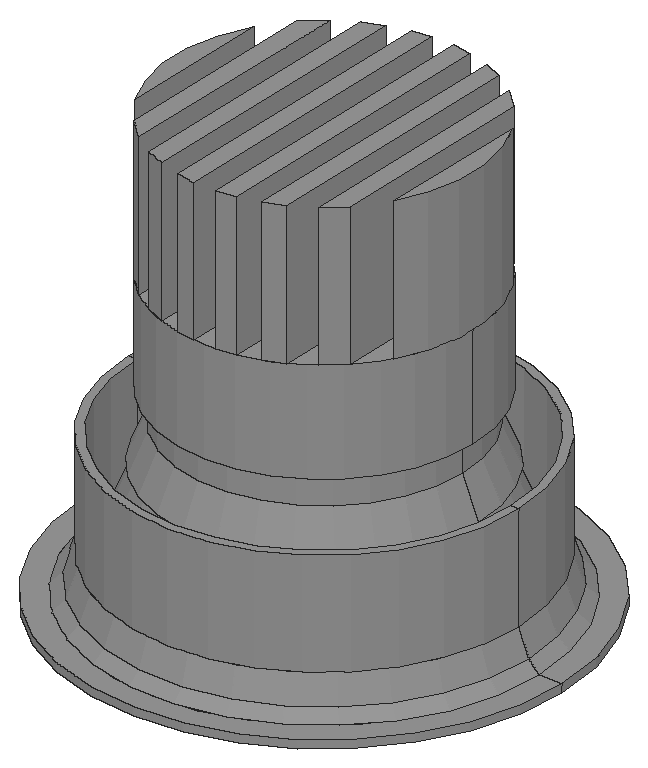
Revit family "Artemide_Everything_150", category Lighting Fixtures, Revit 2018 (continued)
Types (160, lengths in mm): name | Wattage | V_TrimlessSquare | V_TrimlessRound | V_TrimSquare | V_TrimRound | V_Square | V_Round | Radius_RoundVoidReal | Photometric Web File | M_Trim | M_Louvre | M_HousingLed | built-in parameter 1150105 | Lumens | built-in parameter 1150107 | built-in parameter 1150106 | URL to O&M Manual | Trim Material | Trim Finish | Trim Colour  | Product Model Number | Product Literature | Overall Width | Overall Length | Output Lumens Direct light | Input Lumens Direct light | Initial Lumens | IES Files  | Housing Colour  | Face Shape | Efficiency | built-in parameter 1150104 | Distance_SquareVoidReal | Colour Temperature | Angle_LightReal | Adjustable
  Everything_150_Square_Trim_46°_3000K_White/Black_M263420 | 24 W | no | no | yes | no | yes | no | 0.3 | "M263420.IES" | Artemide_Aluminum_White | Artemide_Aluminum_Black | Artemide_Aluminum_Black | 133.46 (stored number, unit not read) | 1677.12 lm | 3000 (stored number, unit not read) | 1.3346 (stored number, unit not read) | "https://www.artemide.com/contents/documenti/prodotto/everything_150_trim_instructions4838333.pdf" | "Aluminium" | "Painted" | "Black" | "M263420" | "https://www.artemide.com/it/subfamily/2545022/everything-150-trim" | 150 | 150 | 1677 | 2763 | 1677 | "https://www.artemide.com/product/downloadFile/2549853/ieseu/4916960" | "White" | "Square" | 61 | 6.4921 (stored number, unit not read) | 126.308 | 3000 | 90.00° | no
  Everything_150_Square_Trim_Adj_46°_3000K_White/Black_M263425 | 24 W | no | no | yes | no | yes | no | 0.3 | "M263425.IES" | Artemide_Aluminum_White | Artemide_Aluminum_Black | Artemide_Aluminum_Black | 133.46 (stored number, unit not read) | 1677.12 lm | 3000 (stored number, unit not read) | 1.3346 (stored number, unit not read) | "https://www.artemide.com/contents/documenti/prodotto/everything_150_trim_instructions4838333.pdf" | "Aluminium" | "Painted" | "Black" | "M263425" | "https://www.artemide.com/it/subfamily/2545022/everything-150-trim" | 150 | 150 | 1677 | 2763 | 1677 | "https://www.artemide.com/product/downloadFile/2550003/ieseu/4916666" | "White" | "Square" | 61 | 6.4921 (stored number, unit not read) | 126.308 | 3000 | 60.00° | yes
  Everything_150_Square_Trim_46°_3000K_Silver/Black_M263460 | 24 W | no | no | yes | no | yes | no | 0.3 | "M263460.IES" | Artemide_Aluminum_BrushedSilver | Artemide_Aluminum_Black | Artemide_Aluminum_Black | 133.46 (stored number, unit not read) | 1677.12 lm | 3000 (stored number, unit not read) | 1.3346 (stored number, unit not read) | "https://www.artemide.com/contents/documenti/prodotto/everything_150_trim_instructions4838333.pdf" | "Aluminium" | "Painted" | "Black" | "M263460" | "https://www.artemide.com/it/subfamily/2545022/everything-150-trim" | 150 | 150 | 1677 | 2763 | 1677 | "https://www.artemide.com/product/downloadFile/2550164/ieseu/4916858" | "Silver" | "Square" | 61 | 6.4921 (stored number, unit not read) | 126.308 | 3000 | 90.00° | no
  Everything_150_Square_Trim_Adj_46°_3000K_Silver/Black_M263465 | 24 W | no | no | yes | no | yes | no | 0.3 | "M263465.IES" | Artemide_Aluminum_BrushedSilver | Artemide_Aluminum_Black | Artemide_Aluminum_Black | 133.46 (stored number, unit not read) | 1677.12 lm | 3000 (stored number, unit not read) | 1.3346 (stored number, unit not read) | "https://www.artemide.com/contents/documenti/prodotto/everything_150_trim_instructions4838333.pdf" | "Aluminium" | "Painted" | "Black" | "M263465" | "https://www.artemide.com/it/subfamily/2545022/everything-150-trim" | 150 | 150 | 1677 | 2763 | 1677 | "https://www.artemide.com/product/downloadFile/2550336/ieseu/4916931" | "Silver" | "Square" | 61 | 6.4921 (stored number, unit not read) | 126.308 | 3000 | 60.00° | yes
  Everything_150_Round_Trim_18°_2700K_White/Black_M323320 | 24 W | no | no | no | yes | no | yes | 63.9 | "M323320.IES" | Artemide_Aluminum_White | Artemide_Aluminum_Black | Artemide_Aluminum_Black | 155.75 (stored number, unit not read) | 1957.2 lm | 2700 (stored number, unit not read) | 1.5575 (stored number, unit not read) | "https://www.artemide.com/contents/documenti/prodotto/everything_150_trim_instructions4838333.pdf" | "Aluminium" | "Painted" | "Black" | "M323320" | "https://www.artemide.com/it/subfamily/2545022/everything-150-trim" | 0 | 150 | 1957 | 2645 | 1957 | "https://www.artemide.com/product/downloadFile/4423791/ieseu/4916574" | "White" | "Round" | 74 | 7.5762 (stored number, unit not read) | 0.8 | 2700 | 90.00° | no
  Everything_150_Round_Trim_18°_2700K_Silver/Black_M323360 | 24 W | no | no | no | yes | no | yes | 63.9 | "M323360.IES" | Artemide_Aluminum_BrushedSilver | Artemide_Aluminum_Black | Artemide_Aluminum_Black | 155.75 (stored number, unit not read) | 1957.2 lm | 2700 (stored number, unit not read) | 1.5575 (stored number, unit not read) | "https://www.artemide.com/contents/documenti/prodotto/everything_150_trim_instructions4838333.pdf" | "Aluminium" | "Painted" | "Black" | "M323360" | "https://www.artemide.com/it/subfamily/2545022/everything-150-trim" | 0 | 150 | 1957 | 2645 | 1957 | "https://www.artemide.com/product/downloadFile/4424921/ieseu/4916446" | "Silver" | "Round" | 74 | 7.5762 (stored number, unit not read) | 0.8 | 2700 | 90.00° | no
  Everything_150_Round_Trim_18°_2700K_White/PolishedMetal_M323620 | 24 W | no | no | no | yes | no | yes | 63.9 | "M323620.IES" | Artemide_Aluminum_White | Artemide_Aluminum_PolishedMetal | Artemide_Aluminum_PolishedMetal | 185.22 (stored number, unit not read) | 2327.52 lm | 2700 (stored number, unit not read) | 1.8522 (stored number, unit not read) | "https://www.artemide.com/contents/documenti/prodotto/everything_150_trim_instructions4838333.pdf" | "Aluminium" | "Painted" | "Polished Metal" | "M323620" | "https://www.artemide.com/it/subfamily/2545022/everything-150-trim" | 0 | 150 | 2328 | 2645 | 2328 | "https://www.artemide.com/product/downloadFile/4425109/ieseu/4917054" | "White" | "Round" | 88 | 9.0097 (stored number, unit not read) | 0.8 | 2700 | 90.00° | no
  Everything_150_Round_Trim_18°_2700K_Silver/PolishedMetal_M323660 | 24 W | no | no | no | yes | no | yes | 63.9 | "M323660.IES" | Artemide_Aluminum_BrushedSilver | Artemide_Aluminum_PolishedMetal | Artemide_Aluminum_PolishedMetal | 185.22 (stored number, unit not read) | 2327.52 lm | 2700 (stored number, unit not read) | 1.8522 (stored number, unit not read) | "https://www.artemide.com/contents/documenti/prodotto/everything_150_trim_instructions4838333.pdf" | "Aluminium" | "Painted" | "Polished Metal" | "M323660" | "https://www.artemide.com/it/subfamily/2545022/everything-150-trim" | 0 | 150 | 2328 | 2645 | 2328 | "https://www.artemide.com/product/downloadFile/4425259/ieseu/4917086" | "Silver" | "Round" | 88 | 9.0097 (stored number, unit not read) | 0.8 | 2700 | 90.00° | no
  Everything_150_Round_Trim_28°_2700K_White/Black_M323420 | 24 W | no | no | no | yes | no | yes | 63.9 | "M323420.IES" | Artemide_Aluminum_White | Artemide_Aluminum_Black | Artemide_Aluminum_Black | 137.45 (stored number, unit not read) | 1727.28 lm | 2700 (stored number, unit not read) | 1.3745 (stored number, unit not read) | "https://www.artemide.com/contents/documenti/prodotto/everything_150_trim_instructions4838333.pdf" | "Aluminium" | "Painted" | "Black" | "M323420" | "https://www.artemide.com/it/subfamily/2545022/everything-150-trim" | 0 | 150 | 1727 | 2645 | 1727 | "https://www.artemide.com/product/downloadFile/4425409/ieseu/4916788" | "White" | "Round" | 65 | 6.6862 (stored number, unit not read) | 0.8 | 2700 | 90.00° | no
  Everything_150_Round_Trim_28°_2700K_Silver/Black_M323460 | 24 W | no | no | no | yes | no | yes | 63.9 | "M323460.IES" | Artemide_Aluminum_BrushedSilver | Artemide_Aluminum_Black | Artemide_Aluminum_Black | 137.45 (stored number, unit not read) | 1727.28 lm | 2700 (stored number, unit not read) | 1.3745 (stored number, unit not read) | "https://www.artemide.com/contents/documenti/prodotto/everything_150_trim_instructions4838333.pdf" | "Aluminium" | "Painted" | "Black" | "M323460" | "https://www.artemide.com/it/subfamily/2545022/everything-150-trim" | 0 | 150 | 1727 | 2645 | 1727 | "https://www.artemide.com/product/downloadFile/4425549/ieseu/4917002" | "Silver" | "Round" | 65 | 6.6862 (stored number, unit not read) | 0.8 | 2700 | 90.00° | no
  Everything_150_Round_Trim_28°_2700K_White/PolishedMetal_M323820 | 24 W | no | no | no | yes | no | yes | 63.9 | "M323820.IES" | Artemide_Aluminum_White | Artemide_Aluminum_PolishedMetal | Artemide_Aluminum_PolishedMetal | 144.18 (stored number, unit not read) | 1811.76 lm | 2700 (stored number, unit not read) | 1.4418 (stored number, unit not read) | "https://www.artemide.com/contents/documenti/prodotto/everything_150_trim_instructions4838333.pdf" | "Aluminium" | "Painted" | "Polished Metal" | "M323820" | "https://www.artemide.com/it/subfamily/2545022/everything-150-trim" | 0 | 150 | 1812 | 2546 | 1812 | "https://www.artemide.com/product/downloadFile/4425689/ieseu/4916610" | "White" | "Round" | 69 | 7.0133 (stored number, unit not read) | 0.8 | 2700 | 90.00° | no
  Everything_150_Round_Trim_28°_2700K_Silver/PolishedMetal_M323860 | 24 W | no | no | no | yes | no | yes | 63.9 | "M323860.IES" | Artemide_Aluminum_BrushedSilver | Artemide_Aluminum_PolishedMetal | Artemide_Aluminum_PolishedMetal | 144.18 (stored number, unit not read) | 1811.76 lm | 2700 (stored number, unit not read) | 1.4418 (stored number, unit not read) | "https://www.artemide.com/contents/documenti/prodotto/everything_150_trim_instructions4838333.pdf" | "Aluminium" | "Painted" | "Polished Metal" | "M323860" | "https://www.artemide.com/it/subfamily/2545022/everything-150-trim" | 0 | 150 | 1812 | 2546 | 1812 | "https://www.artemide.com/product/downloadFile/4425829/ieseu/4916546" | "Silver" | "Round" | 69 | 7.0133 (stored number, unit not read) | 0.8 | 2700 | 90.00° | no
  Everything_150_Round_Trim_46°_2700K_White/Black_M323520 | 24 W | no | no | no | yes | no | yes | 63.9 | "M323520.IES" | Artemide_Aluminum_White | Artemide_Aluminum_Black | Artemide_Aluminum_Black | 127.77 (stored number, unit not read) | 1605.6 lm | 2700 (stored number, unit not read) | 1.2777 (stored number, unit not read) | "https://www.artemide.com/contents/documenti/prodotto/everything_150_trim_instructions4838333.pdf" | "Aluminium" | "Painted" | "Black" | "M323520" | "https://www.artemide.com/it/subfamily/2545022/everything-150-trim" | 0 | 150 | 1606 | 2645 | 1606 | "https://www.artemide.com/product/downloadFile/4425969/ieseu/4916495" | "White" | "Round" | 61 | 6.2152 (stored number, unit not read) | 0.8 | 2700 | 90.00° | no
  Everything_150_Round_Trim_46°_2700K_Silver/Black_M323560 | 24 W | no | no | no | yes | no | yes | 63.9 | "M323560.IES" | Artemide_Aluminum_BrushedSilver | Artemide_Aluminum_Black | Artemide_Aluminum_Black | 127.77 (stored number, unit not read) | 1605.6 lm | 2700 (stored number, unit not read) | 1.2777 (stored number, unit not read) | "https://www.artemide.com/contents/documenti/prodotto/everything_150_trim_instructions4838333.pdf" | "Aluminium" | "Painted" | "Black" | "M323560" | "https://www.artemide.com/it/subfamily/2545022/everything-150-trim" | 0 | 150 | 1606 | 2645 | 1606 | "https://www.artemide.com/product/downloadFile/4426109/ieseu/4916920" | "Silver" | "Round" | 61 | 6.2152 (stored number, unit not read) | 0.8 | 2700 | 90.00° | no
  Everything_150_Round_Trim_Adj_18°_2700K_White/Black_M323325 | 24 W | no | no | no | yes | no | yes | 63.9 | "M323325.IES" | Artemide_Aluminum_White | Artemide_Aluminum_Black | Artemide_Aluminum_Black | 155.75 (stored number, unit not read) | 1957.2 lm | 2700 (stored number, unit not read) | 1.5575 (stored number, unit not read) | "https://www.artemide.com/contents/documenti/prodotto/everything_150_trim_instructions4838333.pdf" | "Aluminium" | "Painted" | "Black" | "M323325" | "https://www.artemide.com/it/subfamily/2545022/everything-150-trim" | 0 | 150 | 1957 | 2645 | 1957 | "https://www.artemide.com/product/downloadFile/4426287/ieseu/4916685" | "White" | "Round" | 74 | 7.5762 (stored number, unit not read) | 0.8 | 2700 | 60.00° | yes
  Everything_150_Round_Trim_Adj_18°_2700K_Silver/Black_M323365 | 24 W | no | no | no | yes | no | yes | 63.9 | "M323365.IES" | Artemide_Aluminum_BrushedSilver | Artemide_Aluminum_Black | Artemide_Aluminum_Black | 155.75 (stored number, unit not read) | 1957.2 lm | 2700 (stored number, unit not read) | 1.5575 (stored number, unit not read) | "https://www.artemide.com/contents/documenti/prodotto/everything_150_trim_instructions4838333.pdf" | "Aluminium" | "Painted" | "Black" | "M323365" | "https://www.artemide.com/it/subfamily/2545022/everything-150-trim" | 0 | 150 | 1957 | 2645 | 1957 | "https://www.artemide.com/product/downloadFile/4426592/ieseu/4916536" | "Silver" | "Round" | 74 | 7.5762 (stored number, unit not read) | 0.8 | 2700 | 60.00° | yes
  Everything_150_Round_Trim_Adj_18°_2700K_White/PolishedMetal_M323625 | 24 W | no | no | no | yes | no | yes | 63.9 | "M323625.IES" | Artemide_Aluminum_White | Artemide_Aluminum_PolishedMetal | Artemide_Aluminum_PolishedMetal | 185.22 (stored number, unit not read) | 2327.52 lm | 2700 (stored number, unit not read) | 1.8522 (stored number, unit not read) | "https://www.artemide.com/contents/documenti/prodotto/everything_150_trim_instructions4838333.pdf" | "Aluminium" | "Painted" | "Polished Metal" | "M323625" | "https://www.artemide.com/it/subfamily/2545022/everything-150-trim" | 0 | 150 | 2328 | 2645 | 2328 | "https://www.artemide.com/product/downloadFile/4426742/ieseu/4916427" | "White" | "Round" | 88 | 9.0097 (stored number, unit not read) | 0.8 | 2700 | 60.00° | yes
  Everything_150_Round_Trim_Adj_18°_2700K_Silver/PolishedMetal_M323665 | 24 W | no | no | no | yes | no | yes | 63.9 | "M323665.IES" | Artemide_Aluminum_BrushedSilver | Artemide_Aluminum_PolishedMetal | Artemide_Aluminum_PolishedMetal | 185.22 (stored number, unit not read) | 2327.52 lm | 2700 (stored number, unit not read) | 1.8522 (stored number, unit not read) | "https://www.artemide.com/contents/documenti/prodotto/everything_150_trim_instructions4838333.pdf" | "Aluminium" | "Painted" | "Polished Metal" | "M323665" | "https://www.artemide.com/it/subfamily/2545022/everything-150-trim" | 0 | 150 | 2328 | 2645 | 2328 | "https://www.artemide.com/product/downloadFile/4426919/ieseu/4916966" | "Silver" | "Round" | 88 | 9.0097 (stored number, unit not read) | 0.8 | 2700 | 60.00° | yes
  Everything_150_Round_Trim_Adj_28°_2700K_White/Black_M323425 | 24 W | no | no | no | yes | no | yes | 63.9 | "M323425.IES" | Artemide_Aluminum_White | Artemide_Aluminum_Black | Artemide_Aluminum_Black | 137.45 (stored number, unit not read) | 1727.28 lm | 2700 (stored number, unit not read) | 1.3745 (stored number, unit not read) | "https://www.artemide.com/contents/documenti/prodotto/everything_150_trim_instructions4838333.pdf" | "Aluminium" | "Painted" | "Black" | "M323425" | "https://www.artemide.com/it/subfamily/2545022/everything-150-trim" | 0 | 150 | 1727 | 2645 | 1727 | "https://www.artemide.com/product/downloadFile/4427083/ieseu/4917196" | "White" | "Round" | 65 | 6.6862 (stored number, unit not read) | 0.8 | 2700 | 60.00° | yes
  Everything_150_Round_Trim_Adj_28°_2700K_Silver/Black_M323465 | 24 W | no | no | no | yes | no | yes | 63.9 | "M323465.IES" | Artemide_Aluminum_BrushedSilver | Artemide_Aluminum_Black | Artemide_Aluminum_Black | 137.45 (stored number, unit not read) | 1727.28 lm | 2700 (stored number, unit not read) | 1.3745 (stored number, unit not read) | "https://www.artemide.com/contents/documenti/prodotto/everything_150_trim_instructions4838333.pdf" | "Aluminium" | "Painted" | "Black" | "M323465" | "https://www.artemide.com/it/subfamily/2545022/everything-150-trim" | 0 | 150 | 1727 | 2645 | 1727 | "https://www.artemide.com/product/downloadFile/4427223/ieseu/4916479" | "Silver" | "Round" | 65 | 6.6862 (stored number, unit not read) | 0.8 | 2700 | 60.00° | yes
  Everything_150_Round_Trim_Adj_28°_2700K_White/PolishedMetal_M323825 | 24 W | no | no | no | yes | no | yes | 63.9 | "M323825.IES" | Artemide_Aluminum_White | Artemide_Aluminum_PolishedMetal | Artemide_Aluminum_PolishedMetal | 144.18 (stored number, unit not read) | 1811.76 lm | 2700 (stored number, unit not read) | 1.4418 (stored number, unit not read) | "https://www.artemide.com/contents/documenti/prodotto/everything_150_trim_instructions4838333.pdf" | "Aluminium" | "Painted" | "Polished Metal" | "M323825" | "https://www.artemide.com/it/subfamily/2545022/everything-150-trim" | 0 | 150 | 1812 | 2546 | 1812 | "https://www.artemide.com/product/downloadFile/4427392/ieseu/4916957" | "White" | "Round" | 69 | 7.0133 (stored number, unit not read) | 0.8 | 2700 | 60.00° | yes
  Everything_150_Round_Trim_Adj_28°_2700K_Silver/PolishedMetal_M323865 | 24 W | no | no | no | yes | no | yes | 63.9 | "M323865.IES" | Artemide_Aluminum_BrushedSilver | Artemide_Aluminum_PolishedMetal | Artemide_Aluminum_PolishedMetal | 144.18 (stored number, unit not read) | 1811.76 lm | 2700 (stored number, unit not read) | 1.4418 (stored number, unit not read) | "https://www.artemide.com/contents/documenti/prodotto/everything_150_trim_instructions4838333.pdf" | "Aluminium" | "Painted" | "Polished Metal" | "M323865" | "https://www.artemide.com/it/subfamily/2545022/everything-150-trim" | 0 | 150 | 1812 | 2546 | 1812 | "https://www.artemide.com/product/downloadFile/4427550/ieseu/4916448" | "Silver" | "Round" | 69 | 7.0133 (stored number, unit not read) | 0.8 | 2700 | 60.00° | yes
  Everything_150_Round_Trim_Adj_46°_2700K_White/Black_M323525 | 24 W | no | no | no | yes | no | yes | 63.9 | "M323525.IES" | Artemide_Aluminum_White | Artemide_Aluminum_Black | Artemide_Aluminum_Black | 127.77 (stored number, unit not read) | 1605.6 lm | 2700 (stored number, unit not read) | 1.2777 (stored number, unit not read) | "https://www.artemide.com/contents/documenti/prodotto/everything_150_trim_instructions4838333.pdf" | "Aluminium" | "Painted" | "Black" | "M323525" | "https://www.artemide.com/it/subfamily/2545022/everything-150-trim" | 0 | 150 | 1606 | 2645 | 1606 | "https://www.artemide.com/product/downloadFile/4427690/ieseu/4916954" | "White" | "Round" | 61 | 6.2152 (stored number, unit not read) | 0.8 | 2700 | 60.00° | yes
  Everything_150_Round_Trim_Adj_46°_2700K_Silver/Black_M323565 | 24 W | no | no | no | yes | no | yes | 63.9 | "M323565.IES" | Artemide_Aluminum_BrushedSilver | Artemide_Aluminum_Black | Artemide_Aluminum_Black | 127.77 (stored number, unit not read) | 1605.6 lm | 2700 (stored number, unit not read) | 1.2777 (stored number, unit not read) | "https://www.artemide.com/contents/documenti/prodotto/everything_150_trim_instructions4838333.pdf" | "Aluminium" | "Painted" | "Black" | "M323565" | "https://www.artemide.com/it/subfamily/2545022/everything-150-trim" | 0 | 150 | 1606 | 2645 | 1606 | "https://www.artemide.com/product/downloadFile/4427830/ieseu/4917089" | "Silver" | "Round" | 61 | 6.2152 (stored number, unit not read) | 0.8 | 2700 | 60.00° | yes
  Everything_150_Square_Trim_18°_2700K_White/Black_M324520 | 24 W | no | no | yes | no | yes | no | 0.3 | "M324520.IES" | Artemide_Aluminum_White | Artemide_Aluminum_Black | Artemide_Aluminum_Black | 155.75 (stored number, unit not read) | 1957.2 lm | 2700 (stored number, unit not read) | 1.5575 (stored number, unit not read) | "https://www.artemide.com/contents/documenti/prodotto/everything_150_trim_instructions4838333.pdf" | "Aluminium" | "Painted" | "Black" | "M324520" | "https://www.artemide.com/it/subfamily/2545022/everything-150-trim" | 150 | 150 | 1957 | 2645 | 1957 | "https://www.artemide.com/product/downloadFile/4427970/ieseu/4916706" | "White" | "Square" | 74 | 7.5762 (stored number, unit not read) | 126.308 | 2700 | 90.00° | no
  Everything_150_Square_Trim_18°_2700K_Silver/Black_M324560 | 24 W | no | no | yes | no | yes | no | 0.3 | "M324560.IES" | Artemide_Aluminum_BrushedSilver | Artemide_Aluminum_Black | Artemide_Aluminum_Black | 155.75 (stored number, unit not read) | 1957.2 lm | 2700 (stored number, unit not read) | 1.5575 (stored number, unit not read) | "https://www.artemide.com/contents/documenti/prodotto/everything_150_trim_instructions4838333.pdf" | "Aluminium" | "Painted" | "Black" | "M324560" | "https://www.artemide.com/it/subfamily/2545022/everything-150-trim" | 150 | 150 | 1957 | 2645 | 1957 | "https://www.artemide.com/product/downloadFile/4428209/ieseu/4916659" | "Silver" | "Square" | 74 | 7.5762 (stored number, unit not read) | 126.308 | 2700 | 90.00° | no
  Everything_150_Square_Trim_18°_2700K_White/PolishedMetal_M324820 | 24 W | no | no | yes | no | yes | no | 0.3 | "M324820.IES" | Artemide_Aluminum_White | Artemide_Aluminum_PolishedMetal | Artemide_Aluminum_PolishedMetal | 185.22 (stored number, unit not read) | 2327.52 lm | 2700 (stored number, unit not read) | 1.8522 (stored number, unit not read) | "https://www.artemide.com/contents/documenti/prodotto/everything_150_trim_instructions4838333.pdf" | "Aluminium" | "Painted" | "Polished Metal" | "M324820" | "https://www.artemide.com/it/subfamily/2545022/everything-150-trim" | 150 | 150 | 2328 | 2645 | 2328 | "https://www.artemide.com/product/downloadFile/4428359/ieseu/4916670" | "White" | "Square" | 88 | 9.0097 (stored number, unit not read) | 126.308 | 2700 | 90.00° | no
  Everything_150_Square_Trim_18°_2700K_Silver/PolishedMetal_M324860 | 24 W | no | no | yes | no | yes | no | 0.3 | "M324860.IES" | Artemide_Aluminum_BrushedSilver | Artemide_Aluminum_PolishedMetal | Artemide_Aluminum_PolishedMetal | 185.22 (stored number, unit not read) | 2327.52 lm | 2700 (stored number, unit not read) | 1.8522 (stored number, unit not read) | "https://www.artemide.com/contents/documenti/prodotto/everything_150_trim_instructions4838333.pdf" | "Aluminium" | "Painted" | "Polished Metal" | "M324860" | "https://www.artemide.com/it/subfamily/2545022/everything-150-trim" | 150 | 150 | 2328 | 2645 | 2328 | "https://www.artemide.com/product/downloadFile/4428509/ieseu/4917165" | "Silver" | "Square" | 88 | 9.0097 (stored number, unit not read) | 126.308 | 2700 | 90.00° | no
  Everything_150_Square_Trim_28°_2700K_White/Black_M324620 | 24 W | no | no | yes | no | yes | no | 0.3 | "M324620.IES" | Artemide_Aluminum_White | Artemide_Aluminum_Black | Artemide_Aluminum_Black | 137.45 (stored number, unit not read) | 1727.28 lm | 2700 (stored number, unit not read) | 1.3745 (stored number, unit not read) | "https://www.artemide.com/contents/documenti/prodotto/everything_150_trim_instructions4838333.pdf" | "Aluminium" | "Painted" | "Black" | "M324620" | "https://www.artemide.com/it/subfamily/2545022/everything-150-trim" | 150 | 150 | 1727 | 2645 | 1727 | "https://www.artemide.com/product/downloadFile/4428688/ieseu/4916716" | "White" | "Square" | 65 | 6.6862 (stored number, unit not read) | 126.308 | 2700 | 90.00° | no
  Everything_150_Square_Trim_28°_2700K_Silver/Black_M324660 | 24 W | no | no | yes | no | yes | no | 0.3 | "M324660.IES" | Artemide_Aluminum_BrushedSilver | Artemide_Aluminum_Black | Artemide_Aluminum_Black | 137.45 (stored number, unit not read) | 1727.28 lm | 2700 (stored number, unit not read) | 1.3745 (stored number, unit not read) | "https://www.artemide.com/contents/documenti/prodotto/everything_150_trim_instructions4838333.pdf" | "Aluminium" | "Painted" | "Black" | "M324660" | "https://www.artemide.com/it/subfamily/2545022/everything-150-trim" | 150 | 150 | 1727 | 2645 | 1727 | "https://www.artemide.com/product/downloadFile/4428828/ieseu/4916924" | "Silver" | "Square" | 65 | 6.6862 (stored number, unit not read) | 126.308 | 2700 | 90.00° | no
  Everything_150_Square_Trim_28°_2700K_White/PolishedMetal_M325020 | 24 W | no | no | yes | no | yes | no | 0.3 | "M325020.IES" | Artemide_Aluminum_White | Artemide_Aluminum_PolishedMetal | Artemide_Aluminum_PolishedMetal | 144.18 (stored number, unit not read) | 1811.76 lm | 2700 (stored number, unit not read) | 1.4418 (stored number, unit not read) | "https://www.artemide.com/contents/documenti/prodotto/everything_150_trim_instructions4838333.pdf" | "Aluminium" | "Painted" | "Polished Metal" | "M325020" | "https://www.artemide.com/it/subfamily/2545022/everything-150-trim" | 150 | 150 | 1812 | 2546 | 1812 | "https://www.artemide.com/product/downloadFile/4428968/ieseu/4916728" | "White" | "Square" | 69 | 7.0133 (stored number, unit not read) | 126.308 | 2700 | 90.00° | no
  Everything_150_Square_Trim_28°_2700K_Silver/PolishedMetal_M325060 | 24 W | no | no | yes | no | yes | no | 0.3 | "M325060.IES" | Artemide_Aluminum_BrushedSilver | Artemide_Aluminum_PolishedMetal | Artemide_Aluminum_PolishedMetal | 144.18 (stored number, unit not read) | 1811.76 lm | 2700 (stored number, unit not read) | 1.4418 (stored number, unit not read) | "https://www.artemide.com/contents/documenti/prodotto/everything_150_trim_instructions4838333.pdf" | "Aluminium" | "Painted" | "Polished Metal" | "M325060" | "https://www.artemide.com/it/subfamily/2545022/everything-150-trim" | 150 | 150 | 1812 | 2546 | 1812 | "https://www.artemide.com/product/downloadFile/4429108/ieseu/4916639" | "Silver" | "Square" | 69 | 7.0133 (stored number, unit not read) | 126.308 | 2700 | 90.00° | no
  Everything_150_Square_Trim_46°_2700K_White/Black_M324720 | 24 W | no | no | yes | no | yes | no | 0.3 | "M324720.IES" | Artemide_Aluminum_White | Artemide_Aluminum_Black | Artemide_Aluminum_Black | 127.77 (stored number, unit not read) | 1605.6 lm | 2700 (stored number, unit not read) | 1.2777 (stored number, unit not read) | "https://www.artemide.com/contents/documenti/prodotto/everything_150_trim_instructions4838333.pdf" | "Aluminium" | "Painted" | "Black" | "M324720" | "https://www.artemide.com/it/subfamily/2545022/everything-150-trim" | 150 | 150 | 1606 | 2645 | 1606 | "https://www.artemide.com/product/downloadFile/4429248/ieseu/4916668" | "White" | "Square" | 61 | 6.2152 (stored number, unit not read) | 126.308 | 2700 | 90.00° | no
  Everything_150_Square_Trim_46°_2700K_Silver/Black_M324760 | 24 W | no | no | yes | no | yes | no | 0.3 | "M324760.IES" | Artemide_Aluminum_BrushedSilver | Artemide_Aluminum_Black | Artemide_Aluminum_Black | 127.77 (stored number, unit not read) | 1605.6 lm | 2700 (stored number, unit not read) | 1.2777 (stored number, unit not read) | "https://www.artemide.com/contents/documenti/prodotto/everything_150_trim_instructions4838333.pdf" | "Aluminium" | "Painted" | "Black" | "M324760" | "https://www.artemide.com/it/subfamily/2545022/everything-150-trim" | 150 | 150 | 1606 | 2645 | 1606 | "https://www.artemide.com/product/downloadFile/4429388/ieseu/4916430" | "Silver" | "Square" | 61 | 6.2152 (stored number, unit not read) | 126.308 | 2700 | 90.00° | no
  Everything_150_Square_Trim_Adj_18°_2700K_White/Black_M324525 | 24 W | no | no | yes | no | yes | no | 0.3 | "M324525.IES" | Artemide_Aluminum_White | Artemide_Aluminum_Black | Artemide_Aluminum_Black | 155.75 (stored number, unit not read) | 1957.2 lm | 2700 (stored number, unit not read) | 1.5575 (stored number, unit not read) | "https://www.artemide.com/contents/documenti/prodotto/everything_150_trim_instructions4838333.pdf" | "Aluminium" | "Painted" | "Black" | "M324525" | "https://www.artemide.com/it/subfamily/2545022/everything-150-trim" | 150 | 150 | 1957 | 2645 | 1957 | "https://www.artemide.com/product/downloadFile/4429557/ieseu/4916854" | "White" | "Square" | 74 | 7.5762 (stored number, unit not read) | 126.308 | 2700 | 60.00° | yes
  Everything_150_Square_Trim_Adj_18°_2700K_Silver/Black_M324565 | 24 W | no | no | yes | no | yes | no | 0.3 | "M324565.IES" | Artemide_Aluminum_BrushedSilver | Artemide_Aluminum_Black | Artemide_Aluminum_Black | 155.75 (stored number, unit not read) | 1957.2 lm | 2700 (stored number, unit not read) | 1.5575 (stored number, unit not read) | "https://www.artemide.com/contents/documenti/prodotto/everything_150_trim_instructions4838333.pdf" | "Aluminium" | "Painted" | "Black" | "M324565" | "https://www.artemide.com/it/subfamily/2545022/everything-150-trim" | 150 | 150 | 1957 | 2645 | 1957 | "https://www.artemide.com/product/downloadFile/4429796/ieseu/4916916" | "Silver" | "Square" | 74 | 7.5762 (stored number, unit not read) | 126.308 | 2700 | 60.00° | yes
  Everything_150_Square_Trim_Adj_18°_2700K_White/PolishedMetal_M324825 | 24 W | no | no | yes | no | yes | no | 0.3 | "M324825.IES" | Artemide_Aluminum_White | Artemide_Aluminum_PolishedMetal | Artemide_Aluminum_PolishedMetal | 185.22 (stored number, unit not read) | 2327.52 lm | 2700 (stored number, unit not read) | 1.8522 (stored number, unit not read) | "https://www.artemide.com/contents/documenti/prodotto/everything_150_trim_instructions4838333.pdf" | "Aluminium" | "Painted" | "Polished Metal" | "M324825" | "https://www.artemide.com/it/subfamily/2545022/everything-150-trim" | 150 | 150 | 2328 | 2645 | 2328 | "https://www.artemide.com/product/downloadFile/4429946/ieseu/4916472" | "White" | "Square" | 88 | 9.0097 (stored number, unit not read) | 126.308 | 2700 | 60.00° | yes
  Everything_150_Square_Trim_Adj_18°_2700K_Silver/PolishedMetal_M324865 | 24 W | no | no | yes | no | yes | no | 0.3 | "M324865.IES" | Artemide_Aluminum_BrushedSilver | Artemide_Aluminum_PolishedMetal | Artemide_Aluminum_PolishedMetal | 185.22 (stored number, unit not read) | 2327.52 lm | 2700 (stored number, unit not read) | 1.8522 (stored number, unit not read) | "https://www.artemide.com/contents/documenti/prodotto/everything_150_trim_instructions4838333.pdf" | "Aluminium" | "Painted" | "Polished Metal" | "M324865" | "https://www.artemide.com/it/subfamily/2545022/everything-150-trim" | 150 | 150 | 2328 | 2645 | 2328 | "https://www.artemide.com/product/downloadFile/4430125/ieseu/4917058" | "Silver" | "Square" | 88 | 9.0097 (stored number, unit not read) | 126.308 | 2700 | 60.00° | yes
  Everything_150_Square_Trim_Adj_28°_2700K_White/Black_M324625 | 24 W | no | no | yes | no | yes | no | 0.3 | "M324625.IES" | Artemide_Aluminum_White | Artemide_Aluminum_Black | Artemide_Aluminum_Black | 137.45 (stored number, unit not read) | 1727.28 lm | 2700 (stored number, unit not read) | 1.3745 (stored number, unit not read) | "https://www.artemide.com/contents/documenti/prodotto/everything_150_trim_instructions4838333.pdf" | "Aluminium" | "Painted" | "Black" | "M324625" | "https://www.artemide.com/it/subfamily/2545022/everything-150-trim" | 150 | 150 | 1727 | 2645 | 1727 | "https://www.artemide.com/product/downloadFile/4430265/ieseu/4917190" | "White" | "Square" | 65 | 6.6862 (stored number, unit not read) | 126.308 | 2700 | 60.00° | yes
  Everything_150_Square_Trim_Adj_28°_2700K_Silver/Black_M324665 | 24 W | no | no | yes | no | yes | no | 0.3 | "M324665.IES" | Artemide_Aluminum_BrushedSilver | Artemide_Aluminum_Black | Artemide_Aluminum_Black | 137.45 (stored number, unit not read) | 1727.28 lm | 2700 (stored number, unit not read) | 1.3745 (stored number, unit not read) | "https://www.artemide.com/contents/documenti/prodotto/everything_150_trim_instructions4838333.pdf" | "Aluminium" | "Painted" | "Black" | "M324665" | "https://www.artemide.com/it/subfamily/2545022/everything-150-trim" | 150 | 150 | 1727 | 2645 | 1727 | "https://www.artemide.com/product/downloadFile/4430405/ieseu/4916803" | "Silver" | "Square" | 65 | 6.6862 (stored number, unit not read) | 126.308 | 2700 | 60.00° | yes
  Everything_150_Square_Trim_Adj_28°_2700K_White/PolishedMetal_M325025 | 24 W | no | no | yes | no | yes | no | 0.3 | "M325025.IES" | Artemide_Aluminum_White | Artemide_Aluminum_PolishedMetal | Artemide_Aluminum_PolishedMetal | 144.18 (stored number, unit not read) | 1811.76 lm | 2700 (stored number, unit not read) | 1.4418 (stored number, unit not read) | "https://www.artemide.com/contents/documenti/prodotto/everything_150_trim_instructions4838333.pdf" | "Aluminium" | "Painted" | "Polished Metal" | "M325025" | "https://www.artemide.com/it/subfamily/2545022/everything-150-trim" | 150 | 150 | 1812 | 2546 | 1812 | "https://www.artemide.com/product/downloadFile/4430545/ieseu/4916938" | "White" | "Square" | 69 | 7.0133 (stored number, unit not read) | 126.308 | 2700 | 60.00° | yes
  Everything_150_Square_Trim_Adj_28°_2700K_Silver/PolishedMetal_M325065 | 24 W | no | no | yes | no | yes | no | 0.3 | "M325065.IES" | Artemide_Aluminum_BrushedSilver | Artemide_Aluminum_PolishedMetal | Artemide_Aluminum_PolishedMetal | 144.18 (stored number, unit not read) | 1811.76 lm | 2700 (stored number, unit not read) | 1.4418 (stored number, unit not read) | "https://www.artemide.com/contents/documenti/prodotto/everything_150_trim_instructions4838333.pdf" | "Aluminium" | "Painted" | "Polished Metal" | "M325065" | "https://www.artemide.com/it/subfamily/2545022/everything-150-trim" | 150 | 150 | 1812 | 2546 | 1812 | "https://www.artemide.com/product/downloadFile/4430685/ieseu/4916791" | "Silver" | "Square" | 69 | 7.0133 (stored number, unit not read) | 126.308 | 2700 | 60.00° | yes
  Everything_150_Square_Trim_Adj_46°_2700K_White/Black_M324725 | 24 W | no | no | yes | no | yes | no | 0.3 | "M324725.IES" | Artemide_Aluminum_White | Artemide_Aluminum_Black | Artemide_Aluminum_Black | 127.77 (stored number, unit not read) | 1605.6 lm | 2700 (stored number, unit not read) | 1.2777 (stored number, unit not read) | "https://www.artemide.com/contents/documenti/prodotto/everything_150_trim_instructions4838333.pdf" | "Aluminium" | "Painted" | "Black" | "M324725" | "https://www.artemide.com/it/subfamily/2545022/everything-150-trim" | 150 | 150 | 1606 | 2645 | 1606 | "https://www.artemide.com/product/downloadFile/4430864/ieseu/4916702" | "White" | "Square" | 61 | 6.2152 (stored number, unit not read) | 126.308 | 2700 | 60.00° | yes
  Everything_150_Square_Trim_Adj_46°_2700K_Silver/Black_M324765 | 24 W | no | no | yes | no | yes | no | 0.3 | "M324765.IES" | Artemide_Aluminum_BrushedSilver | Artemide_Aluminum_Black | Artemide_Aluminum_Black | 127.77 (stored number, unit not read) | 1605.6 lm | 2700 (stored number, unit not read) | 1.2777 (stored number, unit not read) | "https://www.artemide.com/contents/documenti/prodotto/everything_150_trim_instructions4838333.pdf" | "Aluminium" | "Painted" | "Black" | "M324765" | "https://www.artemide.com/it/subfamily/2545022/everything-150-trim" | 150 | 150 | 1606 | 2645 | 1606 | "https://www.artemide.com/product/downloadFile/4431023/ieseu/4916774" | "Silver" | "Square" | 61 | 6.2152 (stored number, unit not read) | 126.308 | 2700 | 60.00° | yes
  Everything_150_Round_Trim_18°_2700K_Black/PolishedMetal_M323640 | 24 W | no | no | no | yes | no | yes | 63.9 | "M323640.IES" | Artemide_Aluminum_Black | Artemide_Aluminum_PolishedMetal | Artemide_Aluminum_PolishedMetal | 185.22 (stored number, unit not read) | 2327.52 lm | 2700 (stored number, unit not read) | 1.8522 (stored number, unit not read) | "https://www.artemide.com/contents/documenti/prodotto/everything_150_trim_instructions4838333.pdf" | "Aluminium" | "Painted" | "Polished Metal" | "M323640" | "https://www.artemide.com/it/subfamily/2545022/everything-150-trim" | 0 | 150 | 2328 | 2645 | 2328 | "https://www.artemide.com/product/downloadFile/4750479/ieseu/4916958" | "Black" | "Round" | 88 | 9.0097 (stored number, unit not read) | 0.8 | 2700 | 90.00° | no
  Everything_150_Round_Trim_28°_2700K_Black/PolishedMetal_M323840 | 24 W | no | no | no | yes | no | yes | 63.9 | "M323840.IES" | Artemide_Aluminum_Black | Artemide_Aluminum_PolishedMetal | Artemide_Aluminum_PolishedMetal | 144.18 (stored number, unit not read) | 1811.76 lm | 2700 (stored number, unit not read) | 1.4418 (stored number, unit not read) | "https://www.artemide.com/contents/documenti/prodotto/everything_150_trim_instructions4838333.pdf" | "Aluminium" | "Painted" | "Polished Metal" | "M323840" | "https://www.artemide.com/it/subfamily/2545022/everything-150-trim" | 0 | 150 | 1812 | 2546 | 1812 | "https://www.artemide.com/product/downloadFile/4750480/ieseu/4916434" | "Black" | "Round" | 69 | 7.0133 (stored number, unit not read) | 0.8 | 2700 | 90.00° | no
  Everything_150_Round_Trim_28°_2700K_Black/Black_M323440 | 24 W | no | no | no | yes | no | yes | 63.9 | "M323440.IES" | Artemide_Aluminum_Black | Artemide_Aluminum_Black | Artemide_Aluminum_Black | 155.75 (stored number, unit not read) | 1957.2 lm | 2700 (stored number, unit not read) | 1.5575 (stored number, unit not read) | "https://www.artemide.com/contents/documenti/prodotto/everything_150_trim_instructions4838333.pdf" | "Aluminium" | "Painted" | "Black" | "M323440" | "https://www.artemide.com/it/subfamily/2545022/everything-150-trim" | 0 | 150 | 1957 | 2645 | 1957 | "https://www.artemide.com/product/downloadFile/4750481/ieseu/4916626" | "Black" | "Round" | 74 | 7.5762 (stored number, unit not read) | 0.8 | 2700 | 90.00° | no
  Everything_150_Round_Trim_46°_2700K_Black/Black_M323540 | 24 W | no | no | no | yes | no | yes | 63.9 | "M323540.IES" | Artemide_Aluminum_Black | Artemide_Aluminum_Black | Artemide_Aluminum_Black | 127.77 (stored number, unit not read) | 1605.6 lm | 2700 (stored number, unit not read) | 1.2777 (stored number, unit not read) | "https://www.artemide.com/contents/documenti/prodotto/everything_150_trim_instructions4838333.pdf" | "Aluminium" | "Painted" | "Black" | "M323540" | "https://www.artemide.com/it/subfamily/2545022/everything-150-trim" | 0 | 150 | 1606 | 2645 | 1606 | "https://www.artemide.com/product/downloadFile/4750482/ieseu/4916815" | "Black" | "Round" | 61 | 6.2152 (stored number, unit not read) | 0.8 | 2700 | 90.00° | no
  Everything_150_Round_Trim_18°_2700K_Black/Black_M323340 | 24 W | no | no | no | yes | no | yes | 63.9 | "M323340.IES" | Artemide_Aluminum_Black | Artemide_Aluminum_Black | Artemide_Aluminum_Black | 155.75 (stored number, unit not read) | 1957.2 lm | 2700 (stored number, unit not read) | 1.5575 (stored number, unit not read) | "https://www.artemide.com/contents/documenti/prodotto/everything_150_trim_instructions4838333.pdf" | "Aluminium" | "Painted" | "Black" | "M323340" | "https://www.artemide.com/it/subfamily/2545022/everything-150-trim" | 0 | 150 | 1957 | 2645 | 1957 | "https://www.artemide.com/product/downloadFile/4750483/ieseu/4916697" | "Black" | "Round" | 74 | 7.5762 (stored number, unit not read) | 0.8 | 2700 | 90.00° | no
  Everything_150_Round_Trim_Adj_28°_2700K_Black/PolishedMetal_M323845 | 24 W | no | no | no | yes | no | yes | 63.9 | "M323845.IES" | Artemide_Aluminum_Black | Artemide_Aluminum_PolishedMetal | Artemide_Aluminum_PolishedMetal | 144.18 (stored number, unit not read) | 1811.76 lm | 2700 (stored number, unit not read) | 1.4418 (stored number, unit not read) | "https://www.artemide.com/contents/documenti/prodotto/everything_150_trim_instructions4838333.pdf" | "Aluminium" | "Painted" | "Polished Metal" | "M323845" | "https://www.artemide.com/it/subfamily/2545022/everything-150-trim" | 0 | 150 | 1812 | 2546 | 1812 | "https://www.artemide.com/product/downloadFile/4750484/ieseu/4916828" | "Black" | "Round" | 69 | 7.0133 (stored number, unit not read) | 0.8 | 2700 | 60.00° | yes
  Everything_150_Round_Trim_Adj_18°_2700K_Black/PolishedMetal_M323645 | 24 W | no | no | no | yes | no | yes | 63.9 | "M323645.IES" | Artemide_Aluminum_Black | Artemide_Aluminum_PolishedMetal | Artemide_Aluminum_PolishedMetal | 185.22 (stored number, unit not read) | 2327.52 lm | 2700 (stored number, unit not read) | 1.8522 (stored number, unit not read) | "https://www.artemide.com/contents/documenti/prodotto/everything_150_trim_instructions4838333.pdf" | "Aluminium" | "Painted" | "Polished Metal" | "M323645" | "https://www.artemide.com/it/subfamily/2545022/everything-150-trim" | 0 | 150 | 2328 | 2645 | 2328 | "https://www.artemide.com/product/downloadFile/4750485/ieseu/4916778" | "Black" | "Round" | 88 | 9.0097 (stored number, unit not read) | 0.8 | 2700 | 60.00° | yes
  Everything_150_Round_Trim_Adj_46°_2700K_Black/Black_M323545 | 24 W | no | no | no | yes | no | yes | 63.9 | "M323545.IES" | Artemide_Aluminum_Black | Artemide_Aluminum_Black | Artemide_Aluminum_Black | 127.77 (stored number, unit not read) | 1605.6 lm | 2700 (stored number, unit not read) | 1.2777 (stored number, unit not read) | "https://www.artemide.com/contents/documenti/prodotto/everything_150_trim_instructions4838333.pdf" | "Aluminium" | "Painted" | "Black" | "M323545" | "https://www.artemide.com/it/subfamily/2545022/everything-150-trim" | 0 | 150 | 1606 | 2645 | 1606 | "https://www.artemide.com/product/downloadFile/4750486/ieseu/4916977" | "Black" | "Round" | 61 | 6.2152 (stored number, unit not read) | 0.8 | 2700 | 60.00° | yes
  Everything_150_Round_Trim_Adj_18°_2700K_Black/Black_M323345 | 24 W | no | no | no | yes | no | yes | 63.9 | "M323345.IES" | Artemide_Aluminum_Black | Artemide_Aluminum_Black | Artemide_Aluminum_Black | 155.75 (stored number, unit not read) | 1957.2 lm | 2700 (stored number, unit not read) | 1.5575 (stored number, unit not read) | "https://www.artemide.com/contents/documenti/prodotto/everything_150_trim_instructions4838333.pdf" | "Aluminium" | "Painted" | "Black" | "M323345" | "https://www.artemide.com/it/subfamily/2545022/everything-150-trim" | 0 | 150 | 1957 | 2645 | 1957 | "https://www.artemide.com/product/downloadFile/4750487/ieseu/4917020" | "Black" | "Round" | 74 | 7.5762 (stored number, unit not read) | 0.8 | 2700 | 60.00° | yes
  Everything_150_Round_Trim_18°_3000K_Black/Black_M260640 | 24 W | no | no | no | yes | no | yes | 63.9 | "M260640.IES" | Artemide_Aluminum_Black | Artemide_Aluminum_Black | Artemide_Aluminum_Black | 162.7 (stored number, unit not read) | 2044.56 lm | 3000 (stored number, unit not read) | 1.627 (stored number, unit not read) | "https://www.artemide.com/contents/documenti/prodotto/everything_150_trim_instructions4838333.pdf" | "Aluminium" | "Painted" | "Black" | "M260640" | "https://www.artemide.com/it/subfamily/2545022/everything-150-trim" | 0 | 150 | 2045 | 2763 | 2045 | "https://www.artemide.com/product/downloadFile/4750489/ieseu/4916875" | "Black" | "Round" | 75 | 7.9144 (stored number, unit not read) | 0.8 | 3000 | 90.00° | no
  Everything_150_Round_Trim_Adj_18°_3000K_Black/Black_M260645 | 24 W | no | no | no | yes | no | yes | 63.9 | "M260645.IES" | Artemide_Aluminum_Black | Artemide_Aluminum_Black | Artemide_Aluminum_Black | 162.7 (stored number, unit not read) | 2044.56 lm | 3000 (stored number, unit not read) | 1.627 (stored number, unit not read) | "https://www.artemide.com/contents/documenti/prodotto/everything_150_trim_instructions4838333.pdf" | "Aluminium" | "Painted" | "Black" | "M260645" | "https://www.artemide.com/it/subfamily/2545022/everything-150-trim" | 0 | 150 | 2045 | 2763 | 2045 | "https://www.artemide.com/product/downloadFile/4750490/ieseu/4916829" | "Black" | "Round" | 75 | 7.9144 (stored number, unit not read) | 0.8 | 3000 | 60.00° | yes
  Everything_150_Round_Trim_18°_3000K_Black/PolishedMetal_M261240 | 24 W | no | no | no | yes | no | yes | 63.9 | "M261240.IES" | Artemide_Aluminum_Black | Artemide_Aluminum_PolishedMetal | Artemide_Aluminum_PolishedMetal | 193.49 (stored number, unit not read) | 2431.44 lm | 3000 (stored number, unit not read) | 1.9349 (stored number, unit not read) | "https://www.artemide.com/contents/documenti/prodotto/everything_150_trim_instructions4838333.pdf" | "Aluminium" | "Painted" | "Polished Metal" | "M261240" | "https://www.artemide.com/it/subfamily/2545022/everything-150-trim" | 0 | 150 | 2431 | 2763 | 2431 | "https://www.artemide.com/product/downloadFile/4750491/ieseu/4916759" | "Black" | "Round" | 88 | 9.412 (stored number, unit not read) | 0.8 | 3000 | 90.00° | no
  Everything_150_Round_Trim_Adj_18°_3000K_Black/PolishedMetal_M261245 | 24 W | no | no | no | yes | no | yes | 63.9 | "M261245.IES" | Artemide_Aluminum_Black | Artemide_Aluminum_PolishedMetal | Artemide_Aluminum_PolishedMetal | 193.49 (stored number, unit not read) | 2431.44 lm | 3000 (stored number, unit not read) | 1.9349 (stored number, unit not read) | "https://www.artemide.com/contents/documenti/prodotto/everything_150_trim_instructions4838333.pdf" | "Aluminium" | "Painted" | "Polished Metal" | "M261245" | "https://www.artemide.com/it/subfamily/2545022/everything-150-trim" | 0 | 150 | 2431 | 2763 | 2431 | "https://www.artemide.com/product/downloadFile/4750492/ieseu/4916944" | "Black" | "Round" | 88 | 9.412 (stored number, unit not read) | 0.8 | 3000 | 60.00° | yes
  Everything_150_Round_Trim_28°_3000K_Black/Black_M260840 | 14 W | no | no | no | yes | no | yes | 63.9 | "M260840.IES" | Artemide_Aluminum_Black | Artemide_Aluminum_Black | Artemide_Aluminum_Black | 83.757 (stored number, unit not read) | 1052.52 lm | 3000 (stored number, unit not read) | 0.83757 (stored number, unit not read) | "https://www.artemide.com/contents/documenti/prodotto/everything_150_trim_instructions4838333.pdf" | "Aluminium" | "Painted" | "Black" | "M260840" | "https://www.artemide.com/it/subfamily/2545022/everything-150-trim" | 0 | 150 | 1804 | 2763 | 1804 | "https://www.artemide.com/product/downloadFile/4750493/ieseu/4916600" | "Black" | "Round" | 66 | 6.9845 (stored number, unit not read) | 0.8 | 3000 | 90.00° | no
  Everything_150_Round_Trim_Adj_28°_3000K_Black/Black_M260845 | 14 W | no | no | no | yes | no | yes | 63.9 | "M260845.IES" | Artemide_Aluminum_Black | Artemide_Aluminum_Black | Artemide_Aluminum_Black | 83.757 (stored number, unit not read) | 1052.52 lm | 3000 (stored number, unit not read) | 0.83757 (stored number, unit not read) | "https://www.artemide.com/contents/documenti/prodotto/everything_150_trim_instructions4838333.pdf" | "Aluminium" | "Painted" | "Black" | "M260845" | "https://www.artemide.com/it/subfamily/2545022/everything-150-trim" | 0 | 150 | 1804 | 2763 | 1804 | "https://www.artemide.com/product/downloadFile/4750494/ieseu/4916609" | "Black" | "Round" | 66 | 6.9845 (stored number, unit not read) | 0.8 | 3000 | 60.00° | yes
  Everything_150_Round_Trim_28°_3000K_Black/PolishedMetal_M261640 | 24 W | no | no | no | yes | no | yes | 63.9 | "M261640.IES" | Artemide_Aluminum_Black | Artemide_Aluminum_PolishedMetal | Artemide_Aluminum_PolishedMetal | 150.61 (stored number, unit not read) | 1892.64 lm | 3000 (stored number, unit not read) | 1.5061 (stored number, unit not read) | "https://www.artemide.com/contents/documenti/prodotto/everything_150_trim_instructions4838333.pdf" | "Aluminium" | "Painted" | "Polished Metal" | "M261640" | "https://www.artemide.com/it/subfamily/2545022/everything-150-trim" | 0 | 150 | 1893 | 2763 | 1893 | "https://www.artemide.com/product/downloadFile/4750495/ieseu/4916592" | "Black" | "Round" | 69 | 7.3263 (stored number, unit not read) | 0.8 | 3000 | 90.00° | no
  Everything_150_Round_Trim_Adj_28°_3000K_Black/PolishedMetal_M261645 | 24 W | no | no | no | yes | no | yes | 63.9 | "M261645.IES" | Artemide_Aluminum_Black | Artemide_Aluminum_PolishedMetal | Artemide_Aluminum_PolishedMetal | 150.61 (stored number, unit not read) | 1892.64 lm | 3000 (stored number, unit not read) | 1.5061 (stored number, unit not read) | "https://www.artemide.com/contents/documenti/prodotto/everything_150_trim_instructions4838333.pdf" | "Aluminium" | "Painted" | "Polished Metal" | "M261645" | "https://www.artemide.com/it/subfamily/2545022/everything-150-trim" | 0 | 150 | 1893 | 2763 | 1893 | "https://www.artemide.com/product/downloadFile/4750496/ieseu/4916634" | "Black" | "Round" | 69 | 7.3263 (stored number, unit not read) | 0.8 | 3000 | 60.00° | yes
  Everything_150_Round_Trim_46°_3000K_Black/Black_M261040 | 24 W | no | no | no | yes | no | yes | 63.9 | "M261040.IES" | Artemide_Aluminum_Black | Artemide_Aluminum_Black | Artemide_Aluminum_Black | 133.46 (stored number, unit not read) | 1677.12 lm | 3000 (stored number, unit not read) | 1.3346 (stored number, unit not read) | "https://www.artemide.com/contents/documenti/prodotto/everything_150_trim_instructions4838333.pdf" | "Aluminium" | "Painted" | "Black" | "M261040" | "https://www.artemide.com/it/subfamily/2545022/everything-150-trim" | 0 | 150 | 1677 | 2763 | 1677 | "https://www.artemide.com/product/downloadFile/4750497/ieseu/4916545" | "Black" | "Round" | 61 | 6.4921 (stored number, unit not read) | 0.8 | 3000 | 90.00° | no
  Everything_150_Round_Trim_Adj_46°_3000K_Black/Black_M261045 | 24 W | no | no | no | yes | no | yes | 63.9 | "M261045.IES" | Artemide_Aluminum_Black | Artemide_Aluminum_Black | Artemide_Aluminum_Black | 133.46 (stored number, unit not read) | 1677.12 lm | 3000 (stored number, unit not read) | 1.3346 (stored number, unit not read) | "https://www.artemide.com/contents/documenti/prodotto/everything_150_trim_instructions4838333.pdf" | "Aluminium" | "Painted" | "Black" | "M261045" | "https://www.artemide.com/it/subfamily/2545022/everything-150-trim" | 0 | 150 | 1677 | 2763 | 1677 | "https://www.artemide.com/product/downloadFile/4750498/ieseu/4916649" | "Black" | "Round" | 61 | 6.4921 (stored number, unit not read) | 0.8 | 3000 | 60.00° | yes
  Everything_150_Square_Trim_28°_2700K_Black/Black_M324640 | 24 W | no | no | yes | no | yes | no | 0.3 | "M324640.IES" | Artemide_Aluminum_Black | Artemide_Aluminum_Black | Artemide_Aluminum_Black | 137.45 (stored number, unit not read) | 1727.28 lm | 2700 (stored number, unit not read) | 1.3745 (stored number, unit not read) | "https://www.artemide.com/contents/documenti/prodotto/everything_150_trim_instructions4838333.pdf" | "Aluminium" | "Painted" | "Black" | "M324640" | "https://www.artemide.com/it/subfamily/2545022/everything-150-trim" | 150 | 150 | 1727 | 2645 | 1727 | "https://www.artemide.com/product/downloadFile/4750499/ieseu/4916564" | "Black" | "Square" | 65 | 6.6862 (stored number, unit not read) | 126.308 | 2700 | 90.00° | no
  Everything_150_Square_Trim_46°_2700K_Black/Black_M324740 | 24 W | no | no | yes | no | yes | no | 0.3 | "M324740.IES" | Artemide_Aluminum_Black | Artemide_Aluminum_Black | Artemide_Aluminum_Black | 127.77 (stored number, unit not read) | 1605.6 lm | 2700 (stored number, unit not read) | 1.2777 (stored number, unit not read) | "https://www.artemide.com/contents/documenti/prodotto/everything_150_trim_instructions4838333.pdf" | "Aluminium" | "Painted" | "Black" | "M324740" | "https://www.artemide.com/it/subfamily/2545022/everything-150-trim" | 150 | 150 | 1606 | 2645 | 1606 | "https://www.artemide.com/product/downloadFile/4750500/ieseu/4916912" | "Black" | "Square" | 61 | 6.2152 (stored number, unit not read) | 126.308 | 2700 | 90.00° | no
  Everything_150_Square_Trim_18°_2700K_Black/Black_M324540 | 24 W | no | no | yes | no | yes | no | 0.3 | "M324540.IES" | Artemide_Aluminum_Black | Artemide_Aluminum_Black | Artemide_Aluminum_Black | 155.75 (stored number, unit not read) | 1957.2 lm | 2700 (stored number, unit not read) | 1.5575 (stored number, unit not read) | "https://www.artemide.com/contents/documenti/prodotto/everything_150_trim_instructions4838333.pdf" | "Aluminium" | "Painted" | "Black" | "M324540" | "https://www.artemide.com/it/subfamily/2545022/everything-150-trim" | 150 | 150 | 1957 | 2645 | 1957 | "https://www.artemide.com/product/downloadFile/4750501/ieseu/4916680" | "Black" | "Square" | 74 | 7.5762 (stored number, unit not read) | 126.308 | 2700 | 90.00° | no
  Everything_150_Square_Trim_Adj_28°_2700K_Black/Black_M324645 | 24 W | no | no | yes | no | yes | no | 0.3 | "M324645.IES" | Artemide_Aluminum_Black | Artemide_Aluminum_Black | Artemide_Aluminum_Black | 137.45 (stored number, unit not read) | 1727.28 lm | 2700 (stored number, unit not read) | 1.3745 (stored number, unit not read) | "https://www.artemide.com/contents/documenti/prodotto/everything_150_trim_instructions4838333.pdf" | "Aluminium" | "Painted" | "Black" | "M324645" | "https://www.artemide.com/it/subfamily/2545022/everything-150-trim" | 150 | 150 | 1727 | 2645 | 1727 | "https://www.artemide.com/product/downloadFile/4750502/ieseu/4917173" | "Black" | "Square" | 65 | 6.6862 (stored number, unit not read) | 126.308 | 2700 | 60.00° | yes
  Everything_150_Square_Trim_Adj_46°_2700K_Black/Black_M324745 | 24 W | no | no | yes | no | yes | no | 0.3 | "M324745.IES" | Artemide_Aluminum_Black | Artemide_Aluminum_Black | Artemide_Aluminum_Black | 127.77 (stored number, unit not read) | 1605.6 lm | 2700 (stored number, unit not read) | 1.2777 (stored number, unit not read) | "https://www.artemide.com/contents/documenti/prodotto/everything_150_trim_instructions4838333.pdf" | "Aluminium" | "Painted" | "Black" | "M324745" | "https://www.artemide.com/it/subfamily/2545022/everything-150-trim" | 150 | 150 | 1606 | 2645 | 1606 | "https://www.artemide.com/product/downloadFile/4750503/ieseu/4917208" | "Black" | "Square" | 61 | 6.2152 (stored number, unit not read) | 126.308 | 2700 | 60.00° | yes
  Everything_150_Square_Trim_Adj_18°_2700K_Black/Black_M324545 | 24 W | no | no | yes | no | yes | no | 0.3 | "M324545.IES" | Artemide_Aluminum_Black | Artemide_Aluminum_Black | Artemide_Aluminum_Black | 155.75 (stored number, unit not read) | 1957.2 lm | 2700 (stored number, unit not read) | 1.5575 (stored number, unit not read) | "https://www.artemide.com/contents/documenti/prodotto/everything_150_trim_instructions4838333.pdf" | "Aluminium" | "Painted" | "Black" | "M324545" | "https://www.artemide.com/it/subfamily/2545022/everything-150-trim" | 150 | 150 | 1957 | 2645 | 1957 | "https://www.artemide.com/product/downloadFile/4750504/ieseu/4916617" | "Black" | "Square" | 74 | 7.5762 (stored number, unit not read) | 126.308 | 2700 | 60.00° | yes
  Everything_150_Square_Trim_18°_3000K_Black/Black_M263040 | 24 W | no | no | yes | no | yes | no | 0.3 | "M263040.IES" | Artemide_Aluminum_Black | Artemide_Aluminum_Black | Artemide_Aluminum_Black | 155.06 (stored number, unit not read) | 1948.56 lm | 3000 (stored number, unit not read) | 1.5506 (stored number, unit not read) | "https://www.artemide.com/contents/documenti/prodotto/everything_150_trim_instructions4838333.pdf" | "Aluminium" | "Painted" | "Black" | "M263040" | "https://www.artemide.com/it/subfamily/2545022/everything-150-trim" | 150 | 150 | 2045 | 2763 | 2045 | "https://www.artemide.com/product/downloadFile/4750505/ieseu/4916963" | "Black" | "Square" | 75 | 7.5428 (stored number, unit not read) | 126.308 | 3000 | 90.00° | no
  Everything_150_Square_Trim_Adj_18°_3000K_Black/Black_M263045 | 24 W | no | no | yes | no | yes | no | 0.3 | "M263045.IES" | Artemide_Aluminum_Black | Artemide_Aluminum_Black | Artemide_Aluminum_Black | 155.06 (stored number, unit not read) | 1948.56 lm | 3000 (stored number, unit not read) | 1.5506 (stored number, unit not read) | "https://www.artemide.com/contents/documenti/prodotto/everything_150_trim_instructions4838333.pdf" | "Aluminium" | "Painted" | "Black" | "M263045" | "https://www.artemide.com/it/subfamily/2545022/everything-150-trim" | 150 | 150 | 2045 | 2763 | 2045 | "https://www.artemide.com/product/downloadFile/4750506/ieseu/4916981" | "Black" | "Square" | 75 | 7.5428 (stored number, unit not read) | 126.308 | 3000 | 60.00° | yes
  Everything_150_Square_Trim_28°_3000K_Black/Black_M263240 | 24 W | no | no | yes | no | yes | no | 0.3 | "M263240.IES" | Artemide_Aluminum_Black | Artemide_Aluminum_Black | Artemide_Aluminum_Black | 143.58 (stored number, unit not read) | 1804.32 lm | 3000 (stored number, unit not read) | 1.4358 (stored number, unit not read) | "https://www.artemide.com/contents/documenti/prodotto/everything_150_trim_instructions4838333.pdf" | "Aluminium" | "Painted" | "Black" | "M263240" | "https://www.artemide.com/it/subfamily/2545022/everything-150-trim" | 150 | 150 | 1804 | 2763 | 1804 | "https://www.artemide.com/product/downloadFile/4750507/ieseu/4916605" | "Black" | "Square" | 66 | 6.9845 (stored number, unit not read) | 126.308 | 3000 | 90.00° | no
  Everything_150_Square_Trim_Adj_28°_3000K_Black/Black_M263245 | 24 W | no | no | yes | no | yes | no | 0.3 | "M263245.IES" | Artemide_Aluminum_Black | Artemide_Aluminum_Black | Artemide_Aluminum_Black | 143.58 (stored number, unit not read) | 1804.32 lm | 3000 (stored number, unit not read) | 1.4358 (stored number, unit not read) | "https://www.artemide.com/contents/documenti/prodotto/everything_150_trim_instructions4838333.pdf" | "Aluminium" | "Painted" | "Black" | "M263245" | "https://www.artemide.com/it/subfamily/2545022/everything-150-trim" | 150 | 150 | 1804 | 2763 | 1804 | "https://www.artemide.com/product/downloadFile/4750508/ieseu/4916991" | "Black" | "Square" | 66 | 6.9845 (stored number, unit not read) | 126.308 | 3000 | 60.00° | yes
  Everything_150_Square_Trim_46°_3000K_Black/Black_M263440 | 24 W | no | no | yes | no | yes | no | 0.3 | "M263440.IES" | Artemide_Aluminum_Black | Artemide_Aluminum_Black | Artemide_Aluminum_Black | 133.46 (stored number, unit not read) | 1677.12 lm | 3000 (stored number, unit not read) | 1.3346 (stored number, unit not read) | "https://www.artemide.com/contents/documenti/prodotto/everything_150_trim_instructions4838333.pdf" | "Aluminium" | "Painted" | "Black" | "M263440" | "https://www.artemide.com/it/subfamily/2545022/everything-150-trim" | 150 | 150 | 1677 | 2763 | 1677 | "https://www.artemide.com/product/downloadFile/4750509/ieseu/4917052" | "Black" | "Square" | 61 | 6.4921 (stored number, unit not read) | 126.308 | 3000 | 90.00° | no
  Everything_150_Square_Trim_Adj_46°_3000K_Black/Black_M263445 | 24 W | no | no | yes | no | yes | no | 0.3 | "M263445.IES" | Artemide_Aluminum_Black | Artemide_Aluminum_Black | Artemide_Aluminum_Black | 133.46 (stored number, unit not read) | 1677.12 lm | 3000 (stored number, unit not read) | 1.3346 (stored number, unit not read) | "https://www.artemide.com/contents/documenti/prodotto/everything_150_trim_instructions4838333.pdf" | "Aluminium" | "Painted" | "Black" | "M263445" | "https://www.artemide.com/it/subfamily/2545022/everything-150-trim" | 150 | 150 | 1677 | 2763 | 1677 | "https://www.artemide.com/product/downloadFile/4750510/ieseu/4916530" | "Black" | "Square" | 61 | 6.4921 (stored number, unit not read) | 126.308 | 3000 | 60.00° | yes
  Everything_150_Square_Trim_28°_2700K_Black/PolishedMetal_M325040 | 24 W | no | no | yes | no | yes | no | 0.3 | "M325040.IES" | Artemide_Aluminum_Black | Artemide_Aluminum_PolishedMetal | Artemide_Aluminum_PolishedMetal | 144.18 (stored number, unit not read) | 1811.76 lm | 2700 (stored number, unit not read) | 1.4418 (stored number, unit not read) | "https://www.artemide.com/contents/documenti/prodotto/everything_150_trim_instructions4838333.pdf" | "Aluminium" | "Painted" | "Polished Metal" | "M325040" | "https://www.artemide.com/it/subfamily/2545022/everything-150-trim" | 150 | 150 | 1812 | 2546 | 1812 | "https://www.artemide.com/product/downloadFile/4750511/ieseu/4917096" | "Black" | "Square" | 69 | 7.0133 (stored number, unit not read) | 126.308 | 2700 | 90.00° | no
  Everything_150_Square_Trim_18°_2700K_Black/PolishedMetal_M324840 | 24 W | no | no | yes | no | yes | no | 0.3 | "M324840.IES" | Artemide_Aluminum_Black | Artemide_Aluminum_PolishedMetal | Artemide_Aluminum_PolishedMetal | 185.22 (stored number, unit not read) | 2327.52 lm | 2700 (stored number, unit not read) | 1.8522 (stored number, unit not read) | "https://www.artemide.com/contents/documenti/prodotto/everything_150_trim_instructions4838333.pdf" | "Aluminium" | "Painted" | "Polished Metal" | "M324840" | "https://www.artemide.com/it/subfamily/2545022/everything-150-trim" | 150 | 150 | 2328 | 2645 | 2328 | "https://www.artemide.com/product/downloadFile/4750512/ieseu/4916939" | "Black" | "Square" | 88 | 9.0097 (stored number, unit not read) | 126.308 | 2700 | 90.00° | no
  Everything_150_Square_Trim_Adj_18°_2700K_Black/PolishedMetal_M324845 | 24 W | no | no | yes | no | yes | no | 0.3 | "M324845.IES" | Artemide_Aluminum_Black | Artemide_Aluminum_PolishedMetal | Artemide_Aluminum_PolishedMetal | 185.22 (stored number, unit not read) | 2327.52 lm | 2700 (stored number, unit not read) | 1.8522 (stored number, unit not read) | "https://www.artemide.com/contents/documenti/prodotto/everything_150_trim_instructions4838333.pdf" | "Aluminium" | "Painted" | "Polished Metal" | "M324845" | "https://www.artemide.com/it/subfamily/2545022/everything-150-trim" | 150 | 150 | 2328 | 2645 | 2328 | "https://www.artemide.com/product/downloadFile/4750513/ieseu/4917122" | "Black" | "Square" | 88 | 9.0097 (stored number, unit not read) | 126.308 | 2700 | 60.00° | yes
  Everything_150_Square_Trim_Adj_28°_2700K_Black/PolishedMetal_M325045 | 24 W | no | no | yes | no | yes | no | 0.3 | "M325045.IES" | Artemide_Aluminum_Black | Artemide_Aluminum_PolishedMetal | Artemide_Aluminum_PolishedMetal | 144.18 (stored number, unit not read) | 1811.76 lm | 2700 (stored number, unit not read) | 1.4418 (stored number, unit not read) | "https://www.artemide.com/contents/documenti/prodotto/everything_150_trim_instructions4838333.pdf" | "Aluminium" | "Painted" | "Polished Metal" | "M325045" | "https://www.artemide.com/it/subfamily/2545022/everything-150-trim" | 150 | 150 | 1812 | 2546 | 1812 | "https://www.artemide.com/product/downloadFile/4750514/ieseu/4917076" | "Black" | "Square" | 69 | 7.0133 (stored number, unit not read) | 126.308 | 2700 | 60.00° | yes
  Everything_150_Square_Trim_18°_3000K_Black/PolishedMetal_M263640 | 24 W | no | no | yes | no | yes | no | 0.3 | "M263640.IES" | Artemide_Aluminum_Black | Artemide_Aluminum_PolishedMetal | Artemide_Aluminum_PolishedMetal | 193.49 (stored number, unit not read) | 2431.44 lm | 3000 (stored number, unit not read) | 1.9349 (stored number, unit not read) | "https://www.artemide.com/contents/documenti/prodotto/everything_150_trim_instructions4838333.pdf" | "Aluminium" | "Painted" | "Polished Metal" | "M263640" | "https://www.artemide.com/it/subfamily/2545022/everything-150-trim" | 150 | 150 | 2431 | 2763 | 2431 | "https://www.artemide.com/product/downloadFile/4750515/ieseu/4916629" | "Black" | "Square" | 89 | 9.412 (stored number, unit not read) | 126.308 | 3000 | 90.00° | no
  Everything_150_Square_Trim_Adj_18°_3000K_Black/PolishedMetal_M263645 | 24 W | no | no | yes | no | yes | no | 0.3 | "M263645.IES" | Artemide_Aluminum_Black | Artemide_Aluminum_PolishedMetal | Artemide_Aluminum_PolishedMetal | 193.49 (stored number, unit not read) | 2431.44 lm | 3000 (stored number, unit not read) | 1.9349 (stored number, unit not read) | "https://www.artemide.com/contents/documenti/prodotto/everything_150_trim_instructions4838333.pdf" | "Aluminium" | "Painted" | "Polished Metal" | "M263645" | "https://www.artemide.com/it/subfamily/2545022/everything-150-trim" | 150 | 150 | 2431 | 2763 | 2431 | "https://www.artemide.com/product/downloadFile/4750516/ieseu/4917069" | "Black" | "Square" | 89 | 9.412 (stored number, unit not read) | 126.308 | 3000 | 60.00° | yes
